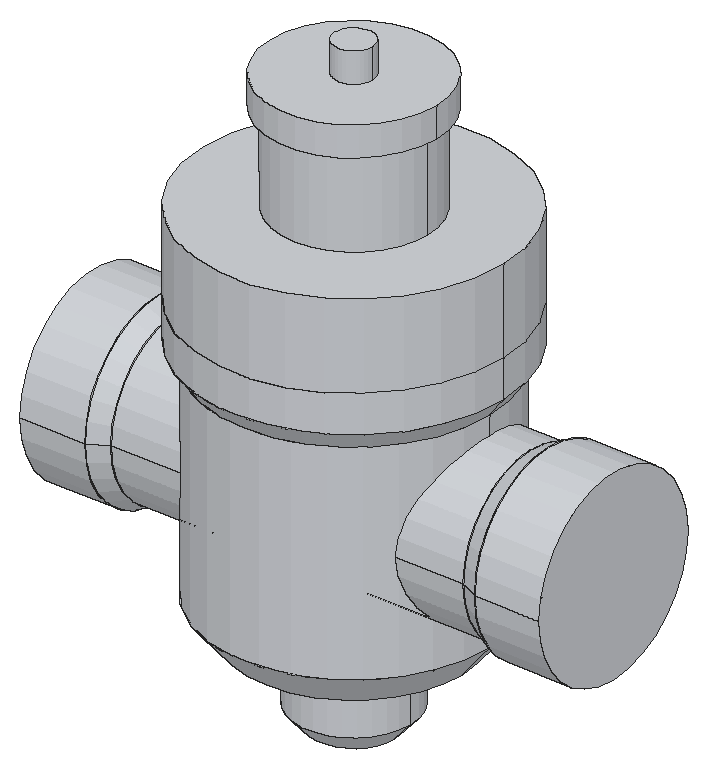
Revit family "VSX24P_DN20_PN16_RFA_2019", category Pipe Accessories, Revit 2019
Family settings
  Round Connector Dimension = Use Diameter
  Part Type = Valve - Breaks Into
  Work Plane-Based = No
  Always vertical = Yes
  Cut with Voids When Loaded = No
  Shared = No
Parameters (values of type "VSX24P G3/4  PN16 kvs4,0")
  magiProductId = ""
  magiProductFamilyId = ""
  magiPartTypeId = 306
  isMeasuringValve [instance] = no
  ang2D [instance] = 0.00°
  Z8 = 4 mm
  Z7__ve = -Z7  # -3.2 mm
  Z7 = 3.2 mm
  Z5 = 9.1 mm
  Z3 = 2 mm
  Z2 = 4.8 mm
  Z1 = 3.6 mm
  X4__ve = -X4  # -7 mm
  X4 = 7 mm
  X3 = 38 mm
  W2D = 15 mm
  VersionID = ""
  Use Minimum Symbol Size [instance] = yes
  URL = "www.hydronix.cz"
  Type Comments = "Závitový, vnější závit, ploché těsnění; LIN charakteristika; PN16; +5~+95°C; max.rychlost proudění 3,0 m/s"
  R9 = 9 mm
  R8 = 2 mm
  R7 = 16.17 mm
  R6 = 11.76 mm
  R5 = 7.409 mm
  R4 = 6.174 mm
  R3 = 4.41 mm
  R2 = 14.7 mm
  R10 = 8 mm
  R1 = 9 mm
  QmdConnectorList = "301;D;302;D"
  Productdata [instance] = ""
  Manufacturer = "Hydronix"
  MC Product Code = "VSX24P (G3/4\"; dpmax=150kPa; kvs 4,0)"
  LT2 = 21 mm
  L2D_Min = 3048 mm
  L2D = 38 mm
  H1 = 22.5 mm
  H = 26 mm
  E = 16 mm
  Description = "2 cestný regulační ventil malých spotřebičů, DN20; zdvih 2,5mm; max dp 150kPa; kvs4,0"
  DT2 = 10 mm
  D = 20 mm
  CAT0 = yes
  C = 24 mm
Types (8, lengths in mm): name | Z5 | Z2 | Z1 | X3 | R7 | R6 | R5 | R4 | R3 | R2 | R1 | MC Product Code | LT2 | H | Description | DT2 | D | C
  VSX09P G1/2  PN16 kvs0,25 | 9.45 | 4.6 | 3.45 | 34 | 14.63 | 10.64 | 6.703 | 5.586 | 3.99 | 13.3 | 6.75 | "VSX09P (G1/2\"; dpmax=250kPa; kvs 0,25)" | 19 | 27 | "2 cestný regulační ventil malých spotřebičů, DN15; zdvih 2,5mm; max dp 250kPa; kvs0,25" | 7.5 | 15 | 23
  VSX10P G1/2  PN16 kvs0,4 | 9.45 | 4.6 | 3.45 | 34 | 14.63 | 10.64 | 6.703 | 5.586 | 3.99 | 13.3 | 6.75 | "VSX10P (G1/2\"; dpmax=250kPa; kvs 0,4)" | 19 | 27 | "2 cestný regulační ventil malých spotřebičů, DN15; zdvih 2,5mm; max dp 250kPa; kvs0,4" | 7.5 | 15 | 23
  VSX11P G1/2  PN16 kvs0,6 | 9.45 | 4.6 | 3.45 | 34 | 14.63 | 10.64 | 6.703 | 5.586 | 3.99 | 13.3 | 6.75 | "VSX11P (G1/2\"; dpmax=250kPa; kvs 0,6)" | 19 | 27 | "2 cestný regulační ventil malých spotřebičů, DN15; zdvih 2,5mm; max dp 250kPa; kvs0,6" | 7.5 | 15 | 23
  VSX12P G1/2  PN16 kvs1,0 | 9.45 | 4.6 | 3.45 | 34 | 14.63 | 10.64 | 6.703 | 5.586 | 3.99 | 13.3 | 6.75 | "VSX12P (G1/2\"; dpmax=250kPa; kvs 1,0)" | 19 | 27 | "2 cestný regulační ventil malých spotřebičů, DN15; zdvih 2,5mm; max dp 250kPa; kvs1,0" | 7.5 | 15 | 23
  VSX13P G1/2  PN16 kvs1,6 | 9.45 | 4.6 | 3.45 | 34 | 14.63 | 10.64 | 6.703 | 5.586 | 3.99 | 13.3 | 6.75 | "VSX13P (G1/2\"; dpmax=250kPa; kvs 1,6)" | 19 | 27 | "2 cestný regulační ventil malých spotřebičů, DN15; zdvih 2,5mm; max dp 250kPa; kvs1,6" | 7.5 | 15 | 23
  VSX21P G3/4  PN16 kvs2,5 | 9.1 | 4.8 | 3.6 | 38 | 16.17 | 11.76 | 7.409 | 6.174 | 4.41 | 14.7 | 9 | "VSX21P (G3/4\"; dpmax=150kPa; kvs 2,5)" | 21 | 26 | "2 cestný regulační ventil malých spotřebičů, DN20; zdvih 2,5mm; max dp 150kPa; kvs2,5" | 10 | 20 | 24
  VSX24P G3/4  PN16 kvs4,0 | 9.1 | 4.8 | 3.6 | 38 | 16.17 | 11.76 | 7.409 | 6.174 | 4.41 | 14.7 | 9 | "VSX24P (G3/4\"; dpmax=150kPa; kvs 4,0)" | 21 | 26 | "2 cestný regulační ventil malých spotřebičů, DN20; zdvih 2,5mm; max dp 150kPa; kvs4,0" | 10 | 20 | 24
  VSX26P G3/4  PN16 kvs6,0 | 9.1 | 4.8 | 3.6 | 38 | 16.17 | 11.76 | 7.409 | 6.174 | 4.41 | 14.7 | 9 | "VSX26P (G3/4\"; dpmax=150kPa; kvs 6,0)" | 21 | 26 | "2 cestný regulační ventil malých spotřebičů, DN20; zdvih 2,5mm; max dp 150kPa; kvs6,0" | 10 | 20 | 24
Reference planes
  plane 1 "Center (Front/Back)": y = 0
  plane 2 "XYPLANE": z = 0
  plane 3 "Center (Left/Right)": x = 0
  plane 4 "271": z = 35.6
  plane 5 "254": z = 10.9
  plane 6 "253": z = 16.9
  plane 7 "148": z = 38.8
  plane 8 "132": z = 42
  plane 9 "62": z = 12.9
  plane 10 "53": z = 26
  plane 11 "52": z = -11.6
  plane 12 "48": z = -15.2
  plane 13 "47": z = -17.2
  plane 14 "38": z = -22
  plane 15 "37": x = 19
  plane 16 "36": x = 21
  plane 17 "23": z = -24
  plane 18 "19": x = -19
  plane 19 "15": x = -21
  plane 20 "6": x = 28
  plane 21 "5": x = -28
  plane 22 "3": z = 0
  plane 23 "2": y = 0
  plane 24 "1": x = 0
Forms (mm)
  Extrusion 1, solid, visible <- "CAT0"
    sketch origin (-750, 0, 42) x (1, 0, 0) y (0, 1, 0)
      loop
        circle (750, 0) r 2
    from 0 to -3.2 <- "Z7__ve"
  Extrusion 2, solid, visible <- "CAT0"
    sketch origin (-750, 0, 35.6) x (1, 0, 0) y (0, 1, 0)
      loop
        circle (750, 0) r 8
    from 0 to -19
  Extrusion 3, solid, visible <- "CAT0"
    sketch origin (-19, -750, 0) x (0, 1, 0) y (0, 0, 1)
      loop
        circle (750, 0) r 9
    from 0 to 38 <- "X3"
  Extrusion 4, solid
    sketch origin (-750, 0, 12.9) x (1, 0, 0) y (0, 1, 0)
      loop
        circle (750, 0) r 16.17
    from 0 to 4 <- "Z8"
  Extrusion 5, solid
    sketch origin (-750, 0, 38.8) x (1, 0, 0) y (0, 1, 0)
      loop
        circle (750, 0) r 9
    from 0 to -3.2 <- "Z7__ve"
  Extrusion 6, solid
    sketch origin (-750, 0, 16.9) x (1, 0, 0) y (0, 1, 0)
      loop
        circle (750, 0) r 16.17
    from 0 to 9.1 <- "Z5"
  Blend 7, solid
    base sketch origin (-750, 0, 10.9) x (1, 0, 0) y (0, 1, 0)
      loop
        circle (750, 0) r 14.7
    top sketch origin (-750, 0, 10.9) x (1, 0, 0) y (0, 1, 0)
      loop
        circle (750, 0) r 16.17
    from 0 to 2
  Blend 8, solid
    base sketch origin (-750, 0, -11.6) x (1, 0, 0) y (0, 1, 0)
      loop
        circle (750, 0) r 14.7
    top sketch origin (-750, 0, -11.6) x (1, 0, 0) y (0, 1, 0)
      loop
        circle (750, 0) r 11.76
    from 0 to -3.6
  Blend 9, solid
    base sketch origin (-750, 0, -15.2) x (1, 0, 0) y (0, 1, 0)
      loop
        circle (750, 0) r 7.409
    top sketch origin (-750, 0, -15.2) x (1, 0, 0) y (0, 1, 0)
      loop
        circle (750, 0) r 6.174
    from 0 to -2
  Extrusion 10, solid
    sketch origin (-750, 0, -22) x (1, 0, 0) y (0, 1, 0)
      loop
        circle (750, 0) r 6.174
    from 0 to 4.8 <- "Z2"
  Blend 11, solid
    base sketch origin (-750, 0, -24) x (1, 0, 0) y (0, 1, 0)
      loop
        circle (750, 0) r 4.41
    top sketch origin (-750, 0, -24) x (1, 0, 0) y (0, 1, 0)
      loop
        circle (750, 0) r 6.174
    from 0 to 2
  Extrusion 12, solid
    sketch origin (28, -750, 0) x (0, 1, 0) y (0, 0, 1)
      loop
        circle (750, 0) r 10
    from 0 to -7 <- "X4__ve"
  Blend 13, solid
    base sketch origin (21, -750, 0) x (0, 1, 0) y (0, 0, 1)
      loop
        circle (750, 0) r 10
    top sketch origin (21, -750, 0) x (0, 1, 0) y (0, 0, 1)
      loop
        circle (750, 0) r 9
    from 0 to -2
  Extrusion 14, solid
    sketch origin (-750, 0, -11.6) x (1, 0, 0) y (0, 1, 0)
      loop
        circle (750, 0) r 14.7
    from 0 to 22.5 <- "H1"
  Blend 15, solid
    base sketch origin (-21, -750, 0) x (0, 1, 0) y (0, 0, 1)
      loop
        circle (750, 0) r 10
    top sketch origin (-21, -750, 0) x (0, 1, 0) y (0, 0, 1)
      loop
        circle (750, 0) r 9
    from 0 to 2
  Extrusion 16, solid
    sketch origin (-28, -750, 0) x (0, 1, 0) y (0, 0, 1)
      loop
        circle (750, 0) r 10
    from 0 to 7 <- "X4"
  Extrusion 17, solid, not visible
    sketch origin (21, -750, 0) x (0, 1, 0) y (0, 0, 1)
      loop
        circle (750, 0) r 10
    from 0 to -10
  Extrusion 18, solid, not visible
    sketch origin (-21, -750, 0) x (0, 1, 0) y (0, 0, 1)
      loop
        circle (750, 0) r 10
    from 0 to 10
Lines and regions (mm)
  reference lines, not visible
    curve 1: circle (2, 2, 0) r 1 normal (0, 0, 1)
Dimensions and locks
  plane 1 "Center (Front/Back)" to curve 1 = 2 mm
  "Z7": plane 7 "148" to plane 4 "271"
  "Z3": plane 9 "62" to plane 5 "254"
  "Z5": plane 10 "53" to plane 6 "253"
  "Z7": plane 8 "132" to plane 7 "148"
  "E": plane 10 "53" to plane 8 "132"
  "Z8": plane 6 "253" to plane 9 "62"
  "H": plane 2 "XYPLANE" to plane 10 "53"
  "Z1": plane 12 "48" to plane 11 "52"
  "Z3": plane 13 "47" to plane 12 "48"
  "Z2": plane 14 "38" to plane 13 "47"
  "Z3": plane 17 "23" to plane 14 "38"
  locked: plane 16 "36" to plane 15 "37" at 2
  "LT2": plane 3 "Center (Left/Right)" to plane 16 "36"
  "C": plane 2 "XYPLANE" to plane 17 "23"
  locked: plane 19 "15" to plane 18 "19" at 2
  "LT2": plane 3 "Center (Left/Right)" to plane 19 "15"
  "X4": plane 16 "36" to plane 20 "6"
  "X4": plane 19 "15" to plane 21 "5"
  locked: plane 2 "XYPLANE" to plane 22 "3"
  locked: plane 1 "Center (Front/Back)" to plane 23 "2"
  locked: plane 3 "Center (Left/Right)" to plane 24 "1"
  "R8": radius of Extrusion 1 sketch curve
  "R10": radius of Extrusion 2 sketch curve
  "R1": radius of Extrusion 3 sketch curve
  "R7": radius of Extrusion 4 sketch curve
  "R9": radius of Extrusion 5 sketch curve
  "R7": radius of Extrusion 6 sketch curve
  "R7": radius of Blend 7 sketch curve
  "R2": radius of Blend 7 sketch curve
  "R6": radius of Blend 8 sketch curve
  "R2": radius of Blend 8 sketch curve
  "R4": radius of Blend 9 sketch curve
  "R5": radius of Blend 9 sketch curve
  "R4": radius of Extrusion 10 sketch curve
  "R4": radius of Blend 11 sketch curve
  "R3": radius of Blend 11 sketch curve
  "DT2": radius of Extrusion 12 sketch curve
  "R1": radius of Blend 13 sketch curve
  "DT2": radius of Blend 13 sketch curve
  "R2": radius of Extrusion 14 sketch curve
  "R1": radius of Blend 15 sketch curve
  "DT2": radius of Blend 15 sketch curve
  "DT2": radius of Extrusion 16 sketch curve
  aligned and locked: level to plane 2 "XYPLANE"
  aligned and locked: plane 23 "2" to Extrusion 1 sketch curve
  aligned and locked: plane 24 "1" to Extrusion 1 sketch curve
  aligned and locked: plane 23 "2" to Extrusion 2 sketch curve
  aligned and locked: plane 24 "1" to Extrusion 2 sketch curve
  aligned and locked: plane 22 "3" to Extrusion 3 sketch curve
  aligned and locked: Extrusion 3 sketch curve to plane 23 "2"
  aligned and locked: plane 23 "2" to Extrusion 4 sketch curve
  aligned and locked: plane 24 "1" to Extrusion 4 sketch curve
  aligned and locked: plane 23 "2" to Extrusion 5 sketch curve
  aligned and locked: plane 24 "1" to Extrusion 5 sketch curve
  aligned and locked: plane 23 "2" to Extrusion 6 sketch curve
  aligned and locked: plane 24 "1" to Extrusion 6 sketch curve
  aligned and locked: plane 23 "2" to Blend 7 sketch curve  (x2)
  aligned and locked: plane 24 "1" to Blend 7 sketch curve  (x2)
  aligned and locked: plane 9 "62" to Blend 7
  aligned and locked: plane 23 "2" to Blend 8 sketch curve  (x2)
  aligned and locked: plane 24 "1" to Blend 8 sketch curve  (x2)
  aligned and locked: Blend 8 to plane 12 "48"
  aligned and locked: plane 23 "2" to Blend 9 sketch curve  (x2)
  aligned and locked: plane 24 "1" to Blend 9 sketch curve  (x2)
  aligned and locked: Blend 9 to plane 13 "47"
  aligned and locked: plane 23 "2" to Extrusion 10 sketch curve
  aligned and locked: plane 24 "1" to Extrusion 10 sketch curve
  aligned and locked: plane 23 "2" to Blend 11 sketch curve  (x2)
  aligned and locked: plane 24 "1" to Blend 11 sketch curve  (x2)
  aligned and locked: plane 14 "38" to Blend 11
  aligned and locked: plane 22 "3" to Extrusion 12 sketch curve
  aligned and locked: Extrusion 12 sketch curve to plane 23 "2"
  aligned and locked: plane 22 "3" to Blend 13 sketch curve  (x2)
  aligned and locked: Blend 13 sketch curve to plane 23 "2"  (x2)
  aligned and locked: Blend 13 to plane 15 "37"
  aligned and locked: plane 23 "2" to Extrusion 14 sketch curve
  aligned and locked: plane 24 "1" to Extrusion 14 sketch curve
  aligned and locked: plane 22 "3" to Blend 15 sketch curve  (x2)
  aligned and locked: Blend 15 sketch curve to plane 23 "2"  (x2)
  aligned and locked: plane 18 "19" to Blend 15
  aligned and locked: plane 22 "3" to Extrusion 16 sketch curve
  aligned and locked: Extrusion 16 sketch curve to plane 23 "2"
  aligned and locked: plane 22 "3" to Extrusion 17 sketch curve
  aligned and locked: Extrusion 17 sketch curve to plane 23 "2"
  aligned and locked: plane 22 "3" to Extrusion 18 sketch curve
  aligned and locked: Extrusion 18 sketch curve to plane 23 "2"
Automatic sketch dimensions
  plane 1 "Center (Front/Back)" to Extrusion 17 sketch curve = 10 mm
  plane 1 "Center (Front/Back)" to Extrusion 18 sketch curve = 10 mm
  plane 3 "Center (Left/Right)" to curve 1 = 2 mm
  radius of curve 1 = 1 mm
Connectors
  piping at (-21, 0, 0), diameter 20, driven by "D"
    settings: on Extrusion 18, index 1, connector inside diameter 609.6 mm, connector length 0 mm, flow factor 0, pipe flow 0.0 L/s, pressure drop 0.0 Pa, fitting loss kfactor 0, connector angle 0.00°, fixture units 0, engagement length 0 mm, angle of deflection 0.00°, flow configuration 0, flow direction 0, fitting loss method 0, system type 29, joint type 0, gender type 0, connector reference index 2, connector utility 0, adjustable connector no, is connector primary yes, connector description ""
  piping at (21, 0, 0), diameter 20, driven by "D"
    settings: on Extrusion 17, index 2, connector inside diameter 609.6 mm, connector length 0 mm, flow factor 0, pipe flow 0.0 L/s, pressure drop 0.0 Pa, fitting loss kfactor 0, connector angle 0.00°, fixture units 0, engagement length 0 mm, angle of deflection 0.00°, flow configuration 0, flow direction 0, fitting loss method 0, system type 29, joint type 0, gender type 0, connector reference index 1, connector utility 0, adjustable connector no, is connector primary no, connector description ""
